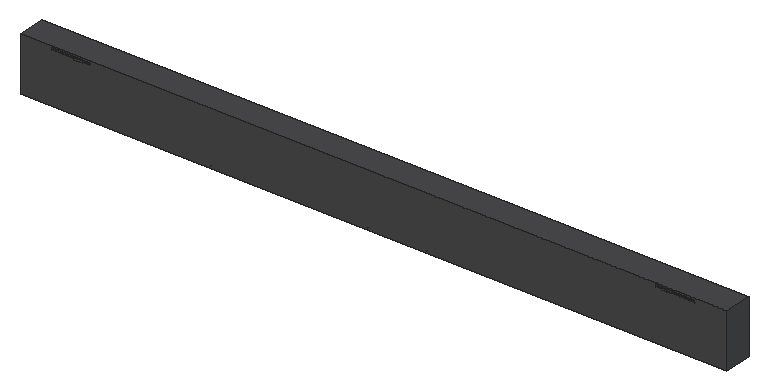
Revit family "DOT BLOCK CEILLING 946_DTSM40N9.1.36", category Luminarias, Revit 2019
Family settings
  Cota de conector redondo = Diámetro de uso
  Tipo de pieza = Normal
  Se basa en plano de trabajo = Sí
  Siempre vertical = Sí
  Corte con vacíos al cargar = No
  Origen de luz = Sí
  Compartido = No
  Punto de cálculo de habitación = No
Parameters (values of type "DOT BLOCK CEILLING 946_DTSM40N9.1.36")
  Ángulo de inclinación = 60.00°
  Zone [instance] = ""
  Watt per fixture = 40
  Wattage = 40 W
  built-in parameter 1150107 = 4000 (stored number, unit not read)
  built-in parameter 1150110 = 1 (stored number, unit not read)
  built-in parameter 1150109 = 1 (stored number, unit not read)
  built-in parameter 1150112 = 1 (stored number, unit not read)
  built-in parameter 1150113 = 1 (stored number, unit not read)
  built-in parameter 1114218 = 1 (stored number, unit not read)
  Keynote = ""
  built-in parameter 1150137 = (empty or 0)
  built-in parameter 1150132 = (empty or 0)
  Modelo = "DTSM40N9.1.36"
  Lámpara = "3030SMD PHILIPS"
  built-in parameter 1150105 = 261.01 (stored number, unit not read)
  built-in parameter 1150102 = (empty or 0)
  built-in parameter 1150106 = 2.6101 (stored number, unit not read)
  Lumens = 3280 lm
  Color Filter = 16777215
  built-in parameter 1114217 = 1 (stored number, unit not read)
  built-in parameter 1150139 = (empty or 0)
  Fabricante = "BRILLANT"
  Default Elevation = 1219.2 mm
  built-in parameter 1150104 = 7.618 (stored number, unit not read)
  Descripción = "LUMINARIA DOWNLIGHT EN FORMATO RECTANGULAR PARA SOBREPONER DIRECTO EN TECHO, CUERPO DE ALUMINIO ACABADO EN COLOR NEGRO, IP 20, PESO 1.98Kg, TIPO DE LED 3030SMD PHILIPS CON 40W TOTAL, 3200 LUMENES, 82LM/W, IRC 90, TEMPERATURA EN BLANCO FRIO 4000K, 50 MIL HORAS DE VIDA PROMEDIO, APERTURA DE 36 GRADOS POR PROYECTO, ALIMENTADO A 90-240V"
  built-in parameter 1150115 = 1 (stored number, unit not read)
  built-in parameter 1150114 = 1 (stored number, unit not read)
  Comentarios de vataje = "90-240V"
  built-in parameter 1150138 = (empty or 0)
  built-in parameter 1150134 = 12
  Circuit [instance] = ""
  Dimming Lamp Color Temperature Shift = (empty or 0)
  Archivo de red fotométrica = "L964A-40W-840-B-36_IESNA95.IES"
  built-in parameter 1150133 = 10 (stored number, unit not read)
Reference planes
  plane 1 "Centro (Frontal/Posterior)": y = 0
  plane 2: z = 0
  plane 3 "Centro (Izquierda/Derecha)": x = 0
Forms (mm)
  Extrusion 1, solid, material "Default Form", not visible
    sketch origin (0, 0, 0) x (1, 0, 0) y (0, 0, 1)
      loop
        line (-473, 0) -> (-473, -72) -> (473, -72) -> (473, 0) -> (-473, 0)
    from -18.326 to 18.326
  Blend 2, void, not visible
    base sketch origin (-293.63, 0, 0) x (1, 0, 0) y (0, 1, 0)
      loop
        line (-162, 16.149) -> (-162, -16.149) -> (-144.14, -16.149) -> (-144.14, 16.149) -> (-162, 16.149)
    top sketch origin (-293.63, 0, 0) x (1, 0, 0) y (0, 1, 0)
      loop
        line (-160, 12.149) -> (-160, -12.149) -> (-146.14, -12.149) -> (-146.14, 12.149) -> (-160, 12.149)
    from -72 to -61.591
  Blend 3, void, not visible
    base sketch origin (-267.33, 0, 0) x (1, 0, 0) y (0, 1, 0)
      loop
        line (-162, 16.149) -> (-162, -16.149) -> (-144.14, -16.149) -> (-144.14, 16.149) -> (-162, 16.149)
    top sketch origin (-267.33, 0, 0) x (1, 0, 0) y (0, 1, 0)
      loop
        line (-160, 12.149) -> (-160, -12.149) -> (-146.14, -12.149) -> (-146.14, 12.149) -> (-160, 12.149)
    from -72 to -61.591
  Blend 4, void, not visible
    base sketch origin (-241.03, 0, 0) x (1, 0, 0) y (0, 1, 0)
      loop
        line (-162, 16.149) -> (-162, -16.149) -> (-144.14, -16.149) -> (-144.14, 16.149) -> (-162, 16.149)
    top sketch origin (-241.03, 0, 0) x (1, 0, 0) y (0, 1, 0)
      loop
        line (-160, 12.149) -> (-160, -12.149) -> (-146.14, -12.149) -> (-146.14, 12.149) -> (-160, 12.149)
    from -72 to -61.591
  Blend 5, void, not visible
    base sketch origin (-214.73, 0, 0) x (1, 0, 0) y (0, 1, 0)
      loop
        line (-162, 16.149) -> (-162, -16.149) -> (-144.14, -16.149) -> (-144.14, 16.149) -> (-162, 16.149)
    top sketch origin (-214.73, 0, 0) x (1, 0, 0) y (0, 1, 0)
      loop
        line (-160, 12.149) -> (-160, -12.149) -> (-146.14, -12.149) -> (-146.14, 12.149) -> (-160, 12.149)
    from -72 to -61.591
  Blend 6, void, not visible
    base sketch origin (-188.43, 0, 0) x (1, 0, 0) y (0, 1, 0)
      loop
        line (-162, 16.149) -> (-162, -16.149) -> (-144.14, -16.149) -> (-144.14, 16.149) -> (-162, 16.149)
    top sketch origin (-188.43, 0, 0) x (1, 0, 0) y (0, 1, 0)
      loop
        line (-160, 12.149) -> (-160, -12.149) -> (-146.14, -12.149) -> (-146.14, 12.149) -> (-160, 12.149)
    from -72 to -61.591
  Blend 7, void, not visible
    base sketch origin (-162.13, 0, 0) x (1, 0, 0) y (0, 1, 0)
      loop
        line (-162, 16.149) -> (-162, -16.149) -> (-144.14, -16.149) -> (-144.14, 16.149) -> (-162, 16.149)
    top sketch origin (-162.13, 0, 0) x (1, 0, 0) y (0, 1, 0)
      loop
        line (-160, 12.149) -> (-160, -12.149) -> (-146.14, -12.149) -> (-146.14, 12.149) -> (-160, 12.149)
    from -72 to -61.591
  Blend 8, void, not visible
    base sketch origin (-135.83, 0, 0) x (1, 0, 0) y (0, 1, 0)
      loop
        line (-162, 16.149) -> (-162, -16.149) -> (-144.14, -16.149) -> (-144.14, 16.149) -> (-162, 16.149)
    top sketch origin (-135.83, 0, 0) x (1, 0, 0) y (0, 1, 0)
      loop
        line (-160, 12.149) -> (-160, -12.149) -> (-146.14, -12.149) -> (-146.14, 12.149) -> (-160, 12.149)
    from -72 to -61.591
  Blend 9, void, not visible
    base sketch origin (-109.53, 0, 0) x (1, 0, 0) y (0, 1, 0)
      loop
        line (-162, 16.149) -> (-162, -16.149) -> (-144.14, -16.149) -> (-144.14, 16.149) -> (-162, 16.149)
    top sketch origin (-109.53, 0, 0) x (1, 0, 0) y (0, 1, 0)
      loop
        line (-160, 12.149) -> (-160, -12.149) -> (-146.14, -12.149) -> (-146.14, 12.149) -> (-160, 12.149)
    from -72 to -61.591
  Blend 10, void, not visible
    base sketch origin (-83.23, 0, 0) x (1, 0, 0) y (0, 1, 0)
      loop
        line (-162, 16.149) -> (-162, -16.149) -> (-144.14, -16.149) -> (-144.14, 16.149) -> (-162, 16.149)
    top sketch origin (-83.23, 0, 0) x (1, 0, 0) y (0, 1, 0)
      loop
        line (-160, 12.149) -> (-160, -12.149) -> (-146.14, -12.149) -> (-146.14, 12.149) -> (-160, 12.149)
    from -72 to -61.591
  Blend 11, void, not visible
    base sketch origin (-56.93, 0, 0) x (1, 0, 0) y (0, 1, 0)
      loop
        line (-162, 16.149) -> (-162, -16.149) -> (-144.14, -16.149) -> (-144.14, 16.149) -> (-162, 16.149)
    top sketch origin (-56.93, 0, 0) x (1, 0, 0) y (0, 1, 0)
      loop
        line (-160, 12.149) -> (-160, -12.149) -> (-146.14, -12.149) -> (-146.14, 12.149) -> (-160, 12.149)
    from -72 to -61.591
  Blend 12, void, not visible
    base sketch origin (-30.63, 0, 0) x (1, 0, 0) y (0, 1, 0)
      loop
        line (-162, 16.149) -> (-162, -16.149) -> (-144.14, -16.149) -> (-144.14, 16.149) -> (-162, 16.149)
    top sketch origin (-30.63, 0, 0) x (1, 0, 0) y (0, 1, 0)
      loop
        line (-160, 12.149) -> (-160, -12.149) -> (-146.14, -12.149) -> (-146.14, 12.149) -> (-160, 12.149)
    from -72 to -61.591
  Blend 13, void, not visible
    base sketch origin (-4.33, 0, 0) x (1, 0, 0) y (0, 1, 0)
      loop
        line (-162, 16.149) -> (-162, -16.149) -> (-144.14, -16.149) -> (-144.14, 16.149) -> (-162, 16.149)
    top sketch origin (-4.33, 0, 0) x (1, 0, 0) y (0, 1, 0)
      loop
        line (-160, 12.149) -> (-160, -12.149) -> (-146.14, -12.149) -> (-146.14, 12.149) -> (-160, 12.149)
    from -72 to -61.591
  Blend 14, void, not visible
    base sketch origin (21.97, 0, 0) x (1, 0, 0) y (0, 1, 0)
      loop
        line (-162, 16.149) -> (-162, -16.149) -> (-144.14, -16.149) -> (-144.14, 16.149) -> (-162, 16.149)
    top sketch origin (21.97, 0, 0) x (1, 0, 0) y (0, 1, 0)
      loop
        line (-160, 12.149) -> (-160, -12.149) -> (-146.14, -12.149) -> (-146.14, 12.149) -> (-160, 12.149)
    from -72 to -61.591
  Blend 15, void, not visible
    base sketch origin (48.27, 0, 0) x (1, 0, 0) y (0, 1, 0)
      loop
        line (-162, 16.149) -> (-162, -16.149) -> (-144.14, -16.149) -> (-144.14, 16.149) -> (-162, 16.149)
    top sketch origin (48.27, 0, 0) x (1, 0, 0) y (0, 1, 0)
      loop
        line (-160, 12.149) -> (-160, -12.149) -> (-146.14, -12.149) -> (-146.14, 12.149) -> (-160, 12.149)
    from -72 to -61.591
  Blend 16, void, not visible
    base sketch origin (74.57, 0, 0) x (1, 0, 0) y (0, 1, 0)
      loop
        line (-162, 16.149) -> (-162, -16.149) -> (-144.14, -16.149) -> (-144.14, 16.149) -> (-162, 16.149)
    top sketch origin (74.57, 0, 0) x (1, 0, 0) y (0, 1, 0)
      loop
        line (-160, 12.149) -> (-160, -12.149) -> (-146.14, -12.149) -> (-146.14, 12.149) -> (-160, 12.149)
    from -72 to -61.591
  Blend 17, void, not visible
    base sketch origin (100.87, 0, 0) x (1, 0, 0) y (0, 1, 0)
      loop
        line (-162, 16.149) -> (-162, -16.149) -> (-144.14, -16.149) -> (-144.14, 16.149) -> (-162, 16.149)
    top sketch origin (100.87, 0, 0) x (1, 0, 0) y (0, 1, 0)
      loop
        line (-160, 12.149) -> (-160, -12.149) -> (-146.14, -12.149) -> (-146.14, 12.149) -> (-160, 12.149)
    from -72 to -61.591
  Blend 18, void, not visible
    base sketch origin (127.17, 0, 0) x (1, 0, 0) y (0, 1, 0)
      loop
        line (-162, 16.149) -> (-162, -16.149) -> (-144.14, -16.149) -> (-144.14, 16.149) -> (-162, 16.149)
    top sketch origin (127.17, 0, 0) x (1, 0, 0) y (0, 1, 0)
      loop
        line (-160, 12.149) -> (-160, -12.149) -> (-146.14, -12.149) -> (-146.14, 12.149) -> (-160, 12.149)
    from -72 to -61.591
  Blend 19, void, not visible
    base sketch origin (153.47, 0, 0) x (1, 0, 0) y (0, 1, 0)
      loop
        line (-162, 16.149) -> (-162, -16.149) -> (-144.14, -16.149) -> (-144.14, 16.149) -> (-162, 16.149)
    top sketch origin (153.47, 0, 0) x (1, 0, 0) y (0, 1, 0)
      loop
        line (-160, 12.149) -> (-160, -12.149) -> (-146.14, -12.149) -> (-146.14, 12.149) -> (-160, 12.149)
    from -72 to -61.591
  Blend 20, void, not visible
    base sketch origin (179.77, 0, 0) x (1, 0, 0) y (0, 1, 0)
      loop
        line (-162, 16.149) -> (-162, -16.149) -> (-144.14, -16.149) -> (-144.14, 16.149) -> (-162, 16.149)
    top sketch origin (179.77, 0, 0) x (1, 0, 0) y (0, 1, 0)
      loop
        line (-160, 12.149) -> (-160, -12.149) -> (-146.14, -12.149) -> (-146.14, 12.149) -> (-160, 12.149)
    from -72 to -61.591
  Blend 21, void, not visible
    base sketch origin (206.07, 0, 0) x (1, 0, 0) y (0, 1, 0)
      loop
        line (-162, 16.149) -> (-162, -16.149) -> (-144.14, -16.149) -> (-144.14, 16.149) -> (-162, 16.149)
    top sketch origin (206.07, 0, 0) x (1, 0, 0) y (0, 1, 0)
      loop
        line (-160, 12.149) -> (-160, -12.149) -> (-146.14, -12.149) -> (-146.14, 12.149) -> (-160, 12.149)
    from -72 to -61.591
  Blend 22, void, not visible
    base sketch origin (232.37, 0, 0) x (1, 0, 0) y (0, 1, 0)
      loop
        line (-162, 16.149) -> (-162, -16.149) -> (-144.14, -16.149) -> (-144.14, 16.149) -> (-162, 16.149)
    top sketch origin (232.37, 0, 0) x (1, 0, 0) y (0, 1, 0)
      loop
        line (-160, 12.149) -> (-160, -12.149) -> (-146.14, -12.149) -> (-146.14, 12.149) -> (-160, 12.149)
    from -72 to -61.591
  Blend 23, void, not visible
    base sketch origin (258.67, 0, 0) x (1, 0, 0) y (0, 1, 0)
      loop
        line (-162, 16.149) -> (-162, -16.149) -> (-144.14, -16.149) -> (-144.14, 16.149) -> (-162, 16.149)
    top sketch origin (258.67, 0, 0) x (1, 0, 0) y (0, 1, 0)
      loop
        line (-160, 12.149) -> (-160, -12.149) -> (-146.14, -12.149) -> (-146.14, 12.149) -> (-160, 12.149)
    from -72 to -61.591
  Blend 24, void, not visible
    base sketch origin (284.97, 0, 0) x (1, 0, 0) y (0, 1, 0)
      loop
        line (-162, 16.149) -> (-162, -16.149) -> (-144.14, -16.149) -> (-144.14, 16.149) -> (-162, 16.149)
    top sketch origin (284.97, 0, 0) x (1, 0, 0) y (0, 1, 0)
      loop
        line (-160, 12.149) -> (-160, -12.149) -> (-146.14, -12.149) -> (-146.14, 12.149) -> (-160, 12.149)
    from -72 to -61.591
  Blend 25, void, not visible
    base sketch origin (311.27, 0, 0) x (1, 0, 0) y (0, 1, 0)
      loop
        line (-162, 16.149) -> (-162, -16.149) -> (-144.14, -16.149) -> (-144.14, 16.149) -> (-162, 16.149)
    top sketch origin (311.27, 0, 0) x (1, 0, 0) y (0, 1, 0)
      loop
        line (-160, 12.149) -> (-160, -12.149) -> (-146.14, -12.149) -> (-146.14, 12.149) -> (-160, 12.149)
    from -72 to -61.591
  Blend 26, void, not visible
    base sketch origin (337.57, 0, 0) x (1, 0, 0) y (0, 1, 0)
      loop
        line (-162, 16.149) -> (-162, -16.149) -> (-144.14, -16.149) -> (-144.14, 16.149) -> (-162, 16.149)
    top sketch origin (337.57, 0, 0) x (1, 0, 0) y (0, 1, 0)
      loop
        line (-160, 12.149) -> (-160, -12.149) -> (-146.14, -12.149) -> (-146.14, 12.149) -> (-160, 12.149)
    from -72 to -61.591
  Blend 27, void, not visible
    base sketch origin (363.87, 0, 0) x (1, 0, 0) y (0, 1, 0)
      loop
        line (-162, 16.149) -> (-162, -16.149) -> (-144.14, -16.149) -> (-144.14, 16.149) -> (-162, 16.149)
    top sketch origin (363.87, 0, 0) x (1, 0, 0) y (0, 1, 0)
      loop
        line (-160, 12.149) -> (-160, -12.149) -> (-146.14, -12.149) -> (-146.14, 12.149) -> (-160, 12.149)
    from -72 to -61.591
  Blend 28, void, not visible
    base sketch origin (390.17, 0, 0) x (1, 0, 0) y (0, 1, 0)
      loop
        line (-162, 16.149) -> (-162, -16.149) -> (-144.14, -16.149) -> (-144.14, 16.149) -> (-162, 16.149)
    top sketch origin (390.17, 0, 0) x (1, 0, 0) y (0, 1, 0)
      loop
        line (-160, 12.149) -> (-160, -12.149) -> (-146.14, -12.149) -> (-146.14, 12.149) -> (-160, 12.149)
    from -72 to -61.591
  Blend 29, void, not visible
    base sketch origin (416.47, 0, 0) x (1, 0, 0) y (0, 1, 0)
      loop
        line (-162, 16.149) -> (-162, -16.149) -> (-144.14, -16.149) -> (-144.14, 16.149) -> (-162, 16.149)
    top sketch origin (416.47, 0, 0) x (1, 0, 0) y (0, 1, 0)
      loop
        line (-160, 12.149) -> (-160, -12.149) -> (-146.14, -12.149) -> (-146.14, 12.149) -> (-160, 12.149)
    from -72 to -61.591
  Blend 30, void, not visible
    base sketch origin (442.77, 0, 0) x (1, 0, 0) y (0, 1, 0)
      loop
        line (-162, 16.149) -> (-162, -16.149) -> (-144.14, -16.149) -> (-144.14, 16.149) -> (-162, 16.149)
    top sketch origin (442.77, 0, 0) x (1, 0, 0) y (0, 1, 0)
      loop
        line (-160, 12.149) -> (-160, -12.149) -> (-146.14, -12.149) -> (-146.14, 12.149) -> (-160, 12.149)
    from -72 to -61.591
  Blend 31, void, not visible
    base sketch origin (469.07, 0, 0) x (1, 0, 0) y (0, 1, 0)
      loop
        line (-162, 16.149) -> (-162, -16.149) -> (-144.14, -16.149) -> (-144.14, 16.149) -> (-162, 16.149)
    top sketch origin (469.07, 0, 0) x (1, 0, 0) y (0, 1, 0)
      loop
        line (-160, 12.149) -> (-160, -12.149) -> (-146.14, -12.149) -> (-146.14, 12.149) -> (-160, 12.149)
    from -72 to -61.591
  Blend 32, void, not visible
    base sketch origin (495.37, 0, 0) x (1, 0, 0) y (0, 1, 0)
      loop
        line (-162, 16.149) -> (-162, -16.149) -> (-144.14, -16.149) -> (-144.14, 16.149) -> (-162, 16.149)
    top sketch origin (495.37, 0, 0) x (1, 0, 0) y (0, 1, 0)
      loop
        line (-160, 12.149) -> (-160, -12.149) -> (-146.14, -12.149) -> (-146.14, 12.149) -> (-160, 12.149)
    from -72 to -61.591
  Blend 33, void, not visible
    base sketch origin (521.67, 0, 0) x (1, 0, 0) y (0, 1, 0)
      loop
        line (-162, 16.149) -> (-162, -16.149) -> (-144.14, -16.149) -> (-144.14, 16.149) -> (-162, 16.149)
    top sketch origin (521.67, 0, 0) x (1, 0, 0) y (0, 1, 0)
      loop
        line (-160, 12.149) -> (-160, -12.149) -> (-146.14, -12.149) -> (-146.14, 12.149) -> (-160, 12.149)
    from -72 to -61.591
  Blend 34, void, not visible
    base sketch origin (547.97, 0, 0) x (1, 0, 0) y (0, 1, 0)
      loop
        line (-162, 16.149) -> (-162, -16.149) -> (-144.14, -16.149) -> (-144.14, 16.149) -> (-162, 16.149)
    top sketch origin (547.97, 0, 0) x (1, 0, 0) y (0, 1, 0)
      loop
        line (-160, 12.149) -> (-160, -12.149) -> (-146.14, -12.149) -> (-146.14, 12.149) -> (-160, 12.149)
    from -72 to -61.591
  Blend 35, void, not visible
    base sketch origin (574.27, 0, 0) x (1, 0, 0) y (0, 1, 0)
      loop
        line (-162, 16.149) -> (-162, -16.149) -> (-144.14, -16.149) -> (-144.14, 16.149) -> (-162, 16.149)
    top sketch origin (574.27, 0, 0) x (1, 0, 0) y (0, 1, 0)
      loop
        line (-160, 12.149) -> (-160, -12.149) -> (-146.14, -12.149) -> (-146.14, 12.149) -> (-160, 12.149)
    from -72 to -61.591
  Blend 36, void, not visible
    base sketch origin (600.57, 0, 0) x (1, 0, 0) y (0, 1, 0)
      loop
        line (-162, 16.149) -> (-162, -16.149) -> (-144.14, -16.149) -> (-144.14, 16.149) -> (-162, 16.149)
    top sketch origin (600.57, 0, 0) x (1, 0, 0) y (0, 1, 0)
      loop
        line (-160, 12.149) -> (-160, -12.149) -> (-146.14, -12.149) -> (-146.14, 12.149) -> (-160, 12.149)
    from -72 to -61.591
  Extrusion 37, solid, not visible
    sketch origin (-463.861, 0, 3.217) x (0, -1, 0) y (0, 0, -1)
      loop
        line (18.326, 3.217) -> (-18.326, 3.217) -> (-18.326, 73.917) -> (-32.183, 73.917) -> (-32.183, 72.617) -> (-19.626, 72.617) -> (-19.626, 1.917) -> (19.626, 1.917) -> (19.626, 72.617) -> (32.183, 72.617) -> (32.183, 73.917) -> (18.326, 73.917) -> (18.326, 3.217)
    from 89.098 to 128.24
  Extrusion 38, solid, not visible
    sketch origin (-246.523, 0, 3.217) x (0, -1, 0) y (0, 0, 1)
      loop
        line (-19.626, -1.917) -> (19.626, -1.917) -> (19.626, -63.89) -> (20.426, -63.89) -> (20.426, -1.117) -> (-20.426, -1.117) -> (-20.426, -63.89) -> (-19.626, -63.89) -> (-19.626, -1.917)
    from 122.954 to 124.098
  Extrusion 39, solid, not visible
    sketch origin (-463.861, 0, 3.217) x (0, -1, 0) y (0, 0, -1)
      loop
        line (-19.626, 1.917) -> (-19.626, 63.89) -> (-20.426, 63.89) -> (-20.426, 1.117) -> (20.426, 1.117) -> (20.426, 63.89) -> (19.626, 63.89) -> (19.626, 1.917) -> (-19.626, 1.917)
    from 122.954 to 124.098
  Extrusion 40, void, not visible
    sketch origin (0, 0, 0) x (1, 0, 0) y (0, 1, 0)
      loop
        circle (-363.799, -25.904) r 2.055
      loop
        circle (-346.585, -25.904) r 2.055
      loop
        circle (-363.799, 25.904) r 2.055
      loop
        circle (-346.585, 25.904) r 2.055
    from -70.7 to -69.4
  Blend 41, void
    base sketch origin (74.57, 130.851, 72) x (1, 0, 0) y (0, 1, 0)
      loop
        line (-162, -147) -> (-144.14, -147) -> (-144.14, -114.702) -> (-162, -114.702) -> (-162, -147)
    top sketch origin (74.57, 130.851, 72) x (1, 0, 0) y (0, 1, 0)
      loop
        line (-160, -143) -> (-146.14, -143) -> (-146.14, -118.702) -> (-160, -118.702) -> (-160, -143)
    from -72 to -61.591
  Blend 42, void
    base sketch origin (100.87, 130.851, 72) x (1, 0, 0) y (0, 1, 0)
      loop
        line (-162, -147) -> (-144.14, -147) -> (-144.14, -114.702) -> (-162, -114.702) -> (-162, -147)
    top sketch origin (100.87, 130.851, 72) x (1, 0, 0) y (0, 1, 0)
      loop
        line (-160, -143) -> (-146.14, -143) -> (-146.14, -118.702) -> (-160, -118.702) -> (-160, -143)
    from -72 to -61.591
  Blend 43, void
    base sketch origin (127.17, 130.851, 72) x (1, 0, 0) y (0, 1, 0)
      loop
        line (-162, -147) -> (-144.14, -147) -> (-144.14, -114.702) -> (-162, -114.702) -> (-162, -147)
    top sketch origin (127.17, 130.851, 72) x (1, 0, 0) y (0, 1, 0)
      loop
        line (-160, -143) -> (-146.14, -143) -> (-146.14, -118.702) -> (-160, -118.702) -> (-160, -143)
    from -72 to -61.591
  Blend 44, void
    base sketch origin (153.47, 130.851, 72) x (1, 0, 0) y (0, 1, 0)
      loop
        line (-162, -147) -> (-144.14, -147) -> (-144.14, -114.702) -> (-162, -114.702) -> (-162, -147)
    top sketch origin (153.47, 130.851, 72) x (1, 0, 0) y (0, 1, 0)
      loop
        line (-160, -143) -> (-146.14, -143) -> (-146.14, -118.702) -> (-160, -118.702) -> (-160, -143)
    from -72 to -61.591
  Blend 45, void
    base sketch origin (179.77, 130.851, 72) x (1, 0, 0) y (0, 1, 0)
      loop
        line (-162, -147) -> (-144.14, -147) -> (-144.14, -114.702) -> (-162, -114.702) -> (-162, -147)
    top sketch origin (179.77, 130.851, 72) x (1, 0, 0) y (0, 1, 0)
      loop
        line (-160, -143) -> (-146.14, -143) -> (-146.14, -118.702) -> (-160, -118.702) -> (-160, -143)
    from -72 to -61.591
  Blend 46, void
    base sketch origin (206.07, 130.851, 72) x (1, 0, 0) y (0, 1, 0)
      loop
        line (-162, -147) -> (-144.14, -147) -> (-144.14, -114.702) -> (-162, -114.702) -> (-162, -147)
    top sketch origin (206.07, 130.851, 72) x (1, 0, 0) y (0, 1, 0)
      loop
        line (-160, -143) -> (-146.14, -143) -> (-146.14, -118.702) -> (-160, -118.702) -> (-160, -143)
    from -72 to -61.591
  Blend 47, void
    base sketch origin (232.37, 130.851, 72) x (1, 0, 0) y (0, 1, 0)
      loop
        line (-162, -147) -> (-144.14, -147) -> (-144.14, -114.702) -> (-162, -114.702) -> (-162, -147)
    top sketch origin (232.37, 130.851, 72) x (1, 0, 0) y (0, 1, 0)
      loop
        line (-160, -143) -> (-146.14, -143) -> (-146.14, -118.702) -> (-160, -118.702) -> (-160, -143)
    from -72 to -61.591
  Extrusion 48, solid, material "Default Form"
    sketch origin (0, 0, 72) x (1, 0, 0) y (0, 0, -1)
      loop
        line (-473, 0) -> (473, 0) -> (473, 72) -> (-473, 72) -> (-473, 0)
    from -18.326 to 18.326
  Blend 49, void
    base sketch origin (258.67, 130.851, 72) x (1, 0, 0) y (0, 1, 0)
      loop
        line (-162, -147) -> (-144.14, -147) -> (-144.14, -114.702) -> (-162, -114.702) -> (-162, -147)
    top sketch origin (258.67, 130.851, 72) x (1, 0, 0) y (0, 1, 0)
      loop
        line (-160, -143) -> (-146.14, -143) -> (-146.14, -118.702) -> (-160, -118.702) -> (-160, -143)
    from -72 to -61.591
  Blend 50, void
    base sketch origin (284.97, 130.851, 72) x (1, 0, 0) y (0, 1, 0)
      loop
        line (-162, -147) -> (-144.14, -147) -> (-144.14, -114.702) -> (-162, -114.702) -> (-162, -147)
    top sketch origin (284.97, 130.851, 72) x (1, 0, 0) y (0, 1, 0)
      loop
        line (-160, -143) -> (-146.14, -143) -> (-146.14, -118.702) -> (-160, -118.702) -> (-160, -143)
    from -72 to -61.591
  Blend 51, void
    base sketch origin (21.97, 130.851, 72) x (1, 0, 0) y (0, 1, 0)
      loop
        line (-162, -147) -> (-144.14, -147) -> (-144.14, -114.702) -> (-162, -114.702) -> (-162, -147)
    top sketch origin (21.97, 130.851, 72) x (1, 0, 0) y (0, 1, 0)
      loop
        line (-160, -143) -> (-146.14, -143) -> (-146.14, -118.702) -> (-160, -118.702) -> (-160, -143)
    from -72 to -61.591
  Blend 52, void
    base sketch origin (48.27, 130.851, 72) x (1, 0, 0) y (0, 1, 0)
      loop
        line (-162, -147) -> (-144.14, -147) -> (-144.14, -114.702) -> (-162, -114.702) -> (-162, -147)
    top sketch origin (48.27, 130.851, 72) x (1, 0, 0) y (0, 1, 0)
      loop
        line (-160, -143) -> (-146.14, -143) -> (-146.14, -118.702) -> (-160, -118.702) -> (-160, -143)
    from -72 to -61.591
  Extrusion 53, void
    sketch origin (-308.75, 0, 0) x (1, 0, 0) y (0, 1, 0)
      loop
        line (-122.17, -18.326) -> (-69.57, -18.326) -> (-69.57, -16.149) -> (-122.17, -16.149) -> (-122.17, -18.326)
      loop
        line (-122.17, 18.326) -> (-122.17, 16.149) -> (-69.57, 16.149) -> (-69.57, 18.326) -> (-122.17, 18.326)
    from 66.852 to 70.535
  Extrusion 54, solid, material "Default Form"
    sketch origin (-25, 0, 0) x (1, 0, 0) y (0, 1, 0)
      loop
        line (-362.305, -16.149) -> (-363.639, -16.149) -> (-363.639, -18.326) -> (-374.139, -18.326) -> (-374.139, -20.238) -> (-362.305, -20.238) -> (-362.305, -16.149)
      loop
        line (-362.305, 16.149) -> (-362.305, 20.238) -> (-374.139, 20.238) -> (-374.139, 18.326) -> (-363.639, 18.326) -> (-363.639, 16.149) -> (-362.305, 16.149)
      loop
        line (412.305, -16.149) -> (412.305, -20.238) -> (424.139, -20.238) -> (424.139, -18.326) -> (413.639, -18.326) -> (413.639, -16.149) -> (412.305, -16.149)
      loop
        line (412.305, 16.149) -> (413.639, 16.149) -> (413.639, 18.326) -> (424.139, 18.326) -> (424.139, 20.238) -> (412.305, 20.238) -> (412.305, 16.149)
    from 67.466 to 69.773
  Extrusion 55, void
    sketch origin (308.75, 0, 0) x (-1, 0, 0) y (0, -1, 0)
      loop
        line (-122.17, 18.326) -> (-122.17, 16.149) -> (-69.57, 16.149) -> (-69.57, 18.326) -> (-122.17, 18.326)
      loop
        line (-122.17, -18.326) -> (-69.57, -18.326) -> (-69.57, -16.149) -> (-122.17, -16.149) -> (-122.17, -18.326)
    from 66.852 to 70.535
  Blend 56, void
    base sketch origin (-56.93, 130.851, 72) x (1, 0, 0) y (0, 1, 0)
      loop
        line (-162, -147) -> (-144.14, -147) -> (-144.14, -114.702) -> (-162, -114.702) -> (-162, -147)
    top sketch origin (-56.93, 130.851, 72) x (1, 0, 0) y (0, 1, 0)
      loop
        line (-160, -143) -> (-146.14, -143) -> (-146.14, -118.702) -> (-160, -118.702) -> (-160, -143)
    from -72 to -61.591
  Blend 57, void
    base sketch origin (-30.63, 130.851, 72) x (1, 0, 0) y (0, 1, 0)
      loop
        line (-162, -147) -> (-144.14, -147) -> (-144.14, -114.702) -> (-162, -114.702) -> (-162, -147)
    top sketch origin (-30.63, 130.851, 72) x (1, 0, 0) y (0, 1, 0)
      loop
        line (-160, -143) -> (-146.14, -143) -> (-146.14, -118.702) -> (-160, -118.702) -> (-160, -143)
    from -72 to -61.591
  Blend 58, void
    base sketch origin (-4.33, 130.851, 72) x (1, 0, 0) y (0, 1, 0)
      loop
        line (-162, -147) -> (-144.14, -147) -> (-144.14, -114.702) -> (-162, -114.702) -> (-162, -147)
    top sketch origin (-4.33, 130.851, 72) x (1, 0, 0) y (0, 1, 0)
      loop
        line (-160, -143) -> (-146.14, -143) -> (-146.14, -118.702) -> (-160, -118.702) -> (-160, -143)
    from -72 to -61.591
  Blend 59, void
    base sketch origin (-109.53, 130.851, 72) x (1, 0, 0) y (0, 1, 0)
      loop
        line (-162, -147) -> (-144.14, -147) -> (-144.14, -114.702) -> (-162, -114.702) -> (-162, -147)
    top sketch origin (-109.53, 130.851, 72) x (1, 0, 0) y (0, 1, 0)
      loop
        line (-160, -143) -> (-146.14, -143) -> (-146.14, -118.702) -> (-160, -118.702) -> (-160, -143)
    from -72 to -61.591
  Blend 60, void
    base sketch origin (-83.23, 130.851, 72) x (1, 0, 0) y (0, 1, 0)
      loop
        line (-162, -147) -> (-144.14, -147) -> (-144.14, -114.702) -> (-162, -114.702) -> (-162, -147)
    top sketch origin (-83.23, 130.851, 72) x (1, 0, 0) y (0, 1, 0)
      loop
        line (-160, -143) -> (-146.14, -143) -> (-146.14, -118.702) -> (-160, -118.702) -> (-160, -143)
    from -72 to -61.591
  Blend 61, void
    base sketch origin (-135.83, 130.851, 72) x (1, 0, 0) y (0, 1, 0)
      loop
        line (-162, -147) -> (-144.14, -147) -> (-144.14, -114.702) -> (-162, -114.702) -> (-162, -147)
    top sketch origin (-135.83, 130.851, 72) x (1, 0, 0) y (0, 1, 0)
      loop
        line (-160, -143) -> (-146.14, -143) -> (-146.14, -118.702) -> (-160, -118.702) -> (-160, -143)
    from -72 to -61.591
  Blend 62, void
    base sketch origin (-188.43, 130.851, 72) x (1, 0, 0) y (0, 1, 0)
      loop
        line (-162, -147) -> (-144.14, -147) -> (-144.14, -114.702) -> (-162, -114.702) -> (-162, -147)
    top sketch origin (-188.43, 130.851, 72) x (1, 0, 0) y (0, 1, 0)
      loop
        line (-160, -143) -> (-146.14, -143) -> (-146.14, -118.702) -> (-160, -118.702) -> (-160, -143)
    from -72 to -61.591
  Blend 63, void
    base sketch origin (-162.13, 130.851, 72) x (1, 0, 0) y (0, 1, 0)
      loop
        line (-162, -147) -> (-144.14, -147) -> (-144.14, -114.702) -> (-162, -114.702) -> (-162, -147)
    top sketch origin (-162.13, 130.851, 72) x (1, 0, 0) y (0, 1, 0)
      loop
        line (-160, -143) -> (-146.14, -143) -> (-146.14, -118.702) -> (-160, -118.702) -> (-160, -143)
    from -72 to -61.591
  Blend 64, void
    base sketch origin (311.27, 130.851, 72) x (1, 0, 0) y (0, 1, 0)
      loop
        line (-162, -147) -> (-144.14, -147) -> (-144.14, -114.702) -> (-162, -114.702) -> (-162, -147)
    top sketch origin (311.27, 130.851, 72) x (1, 0, 0) y (0, 1, 0)
      loop
        line (-160, -143) -> (-146.14, -143) -> (-146.14, -118.702) -> (-160, -118.702) -> (-160, -143)
    from -72 to -61.591
  Blend 65, void
    base sketch origin (337.57, 130.851, 72) x (1, 0, 0) y (0, 1, 0)
      loop
        line (-162, -147) -> (-144.14, -147) -> (-144.14, -114.702) -> (-162, -114.702) -> (-162, -147)
    top sketch origin (337.57, 130.851, 72) x (1, 0, 0) y (0, 1, 0)
      loop
        line (-160, -143) -> (-146.14, -143) -> (-146.14, -118.702) -> (-160, -118.702) -> (-160, -143)
    from -72 to -61.591
  Blend 66, void
    base sketch origin (363.87, 130.851, 72) x (1, 0, 0) y (0, 1, 0)
      loop
        line (-162, -147) -> (-144.14, -147) -> (-144.14, -114.702) -> (-162, -114.702) -> (-162, -147)
    top sketch origin (363.87, 130.851, 72) x (1, 0, 0) y (0, 1, 0)
      loop
        line (-160, -143) -> (-146.14, -143) -> (-146.14, -118.702) -> (-160, -118.702) -> (-160, -143)
    from -72 to -61.591
  Blend 67, void
    base sketch origin (390.17, 130.851, 72) x (1, 0, 0) y (0, 1, 0)
      loop
        line (-162, -147) -> (-144.14, -147) -> (-144.14, -114.702) -> (-162, -114.702) -> (-162, -147)
    top sketch origin (390.17, 130.851, 72) x (1, 0, 0) y (0, 1, 0)
      loop
        line (-160, -143) -> (-146.14, -143) -> (-146.14, -118.702) -> (-160, -118.702) -> (-160, -143)
    from -72 to -61.591
  Blend 68, void
    base sketch origin (416.47, 130.851, 72) x (1, 0, 0) y (0, 1, 0)
      loop
        line (-162, -147) -> (-144.14, -147) -> (-144.14, -114.702) -> (-162, -114.702) -> (-162, -147)
    top sketch origin (416.47, 130.851, 72) x (1, 0, 0) y (0, 1, 0)
      loop
        line (-160, -143) -> (-146.14, -143) -> (-146.14, -118.702) -> (-160, -118.702) -> (-160, -143)
    from -72 to -61.591
  Blend 69, void
    base sketch origin (442.77, 130.851, 72) x (1, 0, 0) y (0, 1, 0)
      loop
        line (-162, -147) -> (-144.14, -147) -> (-144.14, -114.702) -> (-162, -114.702) -> (-162, -147)
    top sketch origin (442.77, 130.851, 72) x (1, 0, 0) y (0, 1, 0)
      loop
        line (-160, -143) -> (-146.14, -143) -> (-146.14, -118.702) -> (-160, -118.702) -> (-160, -143)
    from -72 to -61.591
  Blend 70, void
    base sketch origin (469.07, 130.851, 72) x (1, 0, 0) y (0, 1, 0)
      loop
        line (-162, -147) -> (-144.14, -147) -> (-144.14, -114.702) -> (-162, -114.702) -> (-162, -147)
    top sketch origin (469.07, 130.851, 72) x (1, 0, 0) y (0, 1, 0)
      loop
        line (-160, -143) -> (-146.14, -143) -> (-146.14, -118.702) -> (-160, -118.702) -> (-160, -143)
    from -72 to -61.591
  Blend 71, void
    base sketch origin (495.37, 130.851, 72) x (1, 0, 0) y (0, 1, 0)
      loop
        line (-162, -147) -> (-144.14, -147) -> (-144.14, -114.702) -> (-162, -114.702) -> (-162, -147)
    top sketch origin (495.37, 130.851, 72) x (1, 0, 0) y (0, 1, 0)
      loop
        line (-160, -143) -> (-146.14, -143) -> (-146.14, -118.702) -> (-160, -118.702) -> (-160, -143)
    from -72 to -61.591
  Blend 72, void
    base sketch origin (-214.73, 130.851, 72) x (1, 0, 0) y (0, 1, 0)
      loop
        line (-162, -147) -> (-144.14, -147) -> (-144.14, -114.702) -> (-162, -114.702) -> (-162, -147)
    top sketch origin (-214.73, 130.851, 72) x (1, 0, 0) y (0, 1, 0)
      loop
        line (-160, -143) -> (-146.14, -143) -> (-146.14, -118.702) -> (-160, -118.702) -> (-160, -143)
    from -72 to -61.591
  Blend 73, void
    base sketch origin (-267.33, 130.851, 72) x (1, 0, 0) y (0, 1, 0)
      loop
        line (-162, -147) -> (-144.14, -147) -> (-144.14, -114.702) -> (-162, -114.702) -> (-162, -147)
    top sketch origin (-267.33, 130.851, 72) x (1, 0, 0) y (0, 1, 0)
      loop
        line (-160, -143) -> (-146.14, -143) -> (-146.14, -118.702) -> (-160, -118.702) -> (-160, -143)
    from -72 to -61.591
  Blend 74, void
    base sketch origin (-241.03, 130.851, 72) x (1, 0, 0) y (0, 1, 0)
      loop
        line (-162, -147) -> (-144.14, -147) -> (-144.14, -114.702) -> (-162, -114.702) -> (-162, -147)
    top sketch origin (-241.03, 130.851, 72) x (1, 0, 0) y (0, 1, 0)
      loop
        line (-160, -143) -> (-146.14, -143) -> (-146.14, -118.702) -> (-160, -118.702) -> (-160, -143)
    from -72 to -61.591
  Blend 75, void
    base sketch origin (-293.63, 130.851, 72) x (1, 0, 0) y (0, 1, 0)
      loop
        line (-162, -147) -> (-144.14, -147) -> (-144.14, -114.702) -> (-162, -114.702) -> (-162, -147)
    top sketch origin (-293.63, 130.851, 72) x (1, 0, 0) y (0, 1, 0)
      loop
        line (-160, -143) -> (-146.14, -143) -> (-146.14, -118.702) -> (-160, -118.702) -> (-160, -143)
    from -72 to -61.591
  Blend 76, void
    base sketch origin (521.67, 130.851, 72) x (1, 0, 0) y (0, 1, 0)
      loop
        line (-162, -147) -> (-144.14, -147) -> (-144.14, -114.702) -> (-162, -114.702) -> (-162, -147)
    top sketch origin (521.67, 130.851, 72) x (1, 0, 0) y (0, 1, 0)
      loop
        line (-160, -143) -> (-146.14, -143) -> (-146.14, -118.702) -> (-160, -118.702) -> (-160, -143)
    from -72 to -61.591
  Blend 77, void
    base sketch origin (547.97, 130.851, 72) x (1, 0, 0) y (0, 1, 0)
      loop
        line (-162, -147) -> (-144.14, -147) -> (-144.14, -114.702) -> (-162, -114.702) -> (-162, -147)
    top sketch origin (547.97, 130.851, 72) x (1, 0, 0) y (0, 1, 0)
      loop
        line (-160, -143) -> (-146.14, -143) -> (-146.14, -118.702) -> (-160, -118.702) -> (-160, -143)
    from -72 to -61.591
  Blend 78, void
    base sketch origin (574.27, 130.851, 72) x (1, 0, 0) y (0, 1, 0)
      loop
        line (-162, -147) -> (-144.14, -147) -> (-144.14, -114.702) -> (-162, -114.702) -> (-162, -147)
    top sketch origin (574.27, 130.851, 72) x (1, 0, 0) y (0, 1, 0)
      loop
        line (-160, -143) -> (-146.14, -143) -> (-146.14, -118.702) -> (-160, -118.702) -> (-160, -143)
    from -72 to -61.591
  Blend 79, void
    base sketch origin (600.57, 130.851, 72) x (1, 0, 0) y (0, 1, 0)
      loop
        line (-162, -147) -> (-144.14, -147) -> (-144.14, -114.702) -> (-162, -114.702) -> (-162, -147)
    top sketch origin (600.57, 130.851, 72) x (1, 0, 0) y (0, 1, 0)
      loop
        line (-160, -143) -> (-146.14, -143) -> (-146.14, -118.702) -> (-160, -118.702) -> (-160, -143)
    from -72 to -61.591
Cuts and joins
  Blend 41, Blend 42, Blend 43, Blend 44, Blend 45, Blend 46, Blend 47, Blend 49, Blend 50, Blend 51, Blend 52, Extrusion 53, Extrusion 55, Blend 56, Blend 57, Blend 58, Blend 59, Blend 60, Blend 61, Blend 62, Blend 63, Blend 64, Blend 65, Blend 66, Blend 67, Blend 68, Blend 69, Blend 70, Blend 71, Blend 72, Blend 73, Blend 74, Blend 75, Blend 76, Blend 77, Blend 78, Blend 79 cuts Extrusion 48
  Extrusion 55 cuts Extrusion 54
Dimensions and locks
  cut or joined group 1 (Blend 41, Blend 42, Blend 43, Blend 44, Blend 45, Blend 46, Blend 47, Extrusion 48, Blend 49, Blend 50, Blend 51, Blend 52, Extrusion 53, Extrusion 55, Blend 56, Blend 57, Blend 58, Blend 59, Blend 60, Blend 61, Blend 62, Blend 63, Blend 64, Blend 65, Blend 66, Blend 67, Blend 68, Blend 69, Blend 70, Blend 71, Blend 72, Blend 73, Blend 74, Blend 75, Blend 76, Blend 77, Blend 78, Blend 79) to cut or joined group 1 = 72 mm  (x2)
  cut or joined group 1 to cut or joined group 1 = 36.651 mm
  cut or joined group 1 to cut or joined group 1 = 946 mm
  cut or joined group 1 to cut or joined group 1 = 42.08 mm  (x2)
  aligned and locked: level to plane 2
Connectors
  electrical at (0, 0, 72)
    settings: on cut or joined group 1, index 1, voltage 0 V, apparent load 0 VA, apparent load phase1 0 VA, apparent load phase2 0 VA, apparent load phase3 0 VA, power factor 1, load classification "Otro", number of poles 1, system type 31, power factor state 1, is connector primary yes, connector utility no, sub classification motor no, connector description ""
